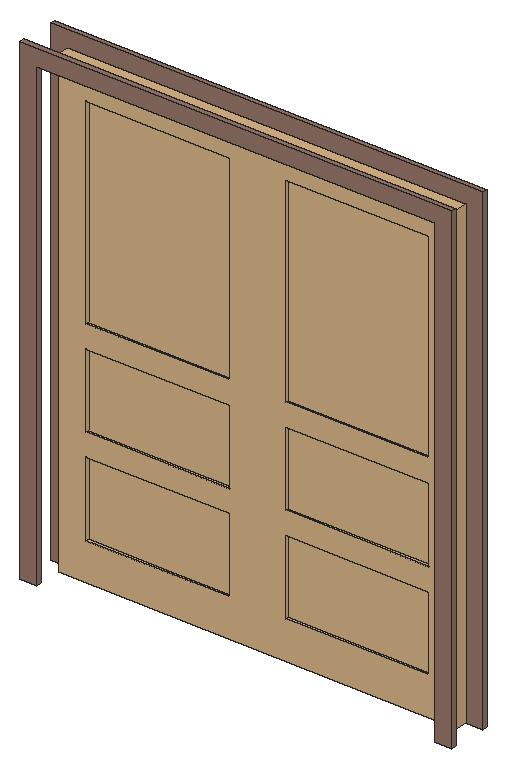
Revit family
Parameters (values of type "1830 x 2134mm")
  Thickness = 51.00 mm
  Door Material = Door - Panel
  Frame Material = Door - Frame
  Height = 2134.00 mm
  Rail Width-Center = 102.00 mm
  Top Panel = 915.00 mm
  Trim Projection Ext = 25.00 mm
  Trim Projection Int = 25.00 mm
  Trim Width = 76.00 mm
  Wall Closure = (empty or 0)
  Width = 1830.00 mm
Types (5, lengths in mm): name | Height | Width
  1830 x 1981mm | 1981.00 | 1830.00
  1830 x 2083mm | 2083.00 | 1830.00
  1730 x 2032mm | 2032.00 | 1730.00
  1830 x 2134mm | 2134.00 | 1830.00
  1730 x 2134mm | 2134.00 | 1730.00
Reference planes
  plane 1: y = 0
  plane 2: z = 0
  plane 3 "Center": x = 0
  plane 4 "Left": x = -915
  plane 5 "Right": x = 915
  plane 6 "Top": z = 2134
  plane 7: z = 1981.6
  plane 8: z = 1066.6
  plane 9: z = 964.6
  plane 10: z = 620.8
  plane 11: z = 518.8
  plane 12: z = 175
  plane 13: x = 788
  plane 14: x = 127
  plane 15: x = -127
  plane 16: x = -788
Forms (mm)
  Extrusion 1, solid, material "Door - Frame" <- "Frame Material"
    sketch origin (-2286, -76.2, 0) x (1, 0, 0) y (0, 0, 1)
      loop
        line (1371, 0) -> (1371, 2134) -> (3201, 2134) -> (3201, 0) -> (3277, 0) -> (3277, 2210) -> (1295, 2210) -> (1295, 0) -> (1371, 0)
    from 0 to 25
  Extrusion 2, solid, material "Door - Panel" <- "Door Material"
    sketch origin (-2286, 101.6, 0) x (-1, 0, 0) y (0, 0, 1)
      loop
        line (-3201, 2134) -> (-3201, 0) -> (-1371, 0) -> (-1371, 2134) -> (-3201, 2134)
      loop
        line (-3074, 1981.6) -> (-3074, 1066.6) -> (-2413, 1066.6) -> (-2413, 1981.6) -> (-3074, 1981.6)
      loop
        line (-2413, 620.8) -> (-2413, 964.6) -> (-3074, 964.6) -> (-3074, 620.8) -> (-2413, 620.8)
      loop
        line (-2413, 518.8) -> (-3074, 518.8) -> (-3074, 175) -> (-2413, 175) -> (-2413, 518.8)
      loop
        line (-1498, 1981.6) -> (-2159, 1981.6) -> (-2159, 1066.6) -> (-1498, 1066.6) -> (-1498, 1981.6)
      loop
        line (-2159, 964.6) -> (-2159, 620.8) -> (-1498, 620.8) -> (-1498, 964.6) -> (-2159, 964.6)
      loop
        line (-1498, 175) -> (-1498, 518.8) -> (-2159, 518.8) -> (-2159, 175) -> (-1498, 175)
    from -76.4 to -25.4
  Extrusion 3, solid, material "Door - Panel" <- "Door Material"
    sketch origin (-2286, 76.2, 0) x (-1, 0, 0) y (0, 0, 1)
      loop
        line (-3074, 1981.6) -> (-3074, 1066.6) -> (-2413, 1066.6) -> (-2413, 1981.6) -> (-3074, 1981.6)
      loop
        line (-2413, 620.8) -> (-2413, 964.6) -> (-3074, 964.6) -> (-3074, 620.8) -> (-2413, 620.8)
      loop
        line (-2413, 518.8) -> (-3074, 518.8) -> (-3074, 175) -> (-2413, 175) -> (-2413, 518.8)
      loop
        line (-1498, 1981.6) -> (-2159, 1981.6) -> (-2159, 1066.6) -> (-1498, 1066.6) -> (-1498, 1981.6)
      loop
        line (-2159, 964.6) -> (-2159, 620.8) -> (-1498, 620.8) -> (-1498, 964.6) -> (-2159, 964.6)
      loop
        line (-2159, 518.8) -> (-2159, 175) -> (-1498, 175) -> (-1498, 518.8) -> (-2159, 518.8)
    from -12.7 to -38.3
  Extrusion 4, solid, material "Door - Frame" <- "Frame Material"
    sketch origin (-1524, 76.2, 0) x (-1, 0, 0) y (0, 0, 1)
      loop
        line (-2515, 2210) -> (-2515, 0) -> (-2439, 0) -> (-2439, 2134) -> (-609, 2134) -> (-609, 0) -> (-533, 0) -> (-533, 2210) -> (-2515, 2210)
    from 0 to 25
Lines and regions (mm)
  Opening 1
    outline origin (-2286, -76.2, 0) x (1, 0, 0) y (0, 0, 1)
      loop
        line (1371, 0) -> (3201, 0) -> (3201, 2134) -> (1371, 2134) -> (1371, 0)
  symbolic lines, style "DoorsPanelProjection"
    curve 1: line (-915, 76.2, 0) -> (-864, 76.2, 0)
    curve 2: line (-915, 76.2, 0) -> (-915, 991.2, 0)
    curve 3: line (-915, 991.2, 0) -> (-864, 991.2, 0)
    curve 4: line (-864, 76.2, 0) -> (-864, 991.2, 0)
    curve 5: line (915, 76.2, 0) -> (864, 76.2, 0)
    curve 6: line (915, 76.2, 0) -> (915, 991.2, 0)
    curve 7: line (864, 991.2, 0) -> (915, 991.2, 0)
    curve 8: line (864, 76.2, 0) -> (864, 991.2, 0)
  symbolic lines, style "Plan Swing"
    curve 9: arc (0, 76.2, 0) -> (-267.997, 723.203, 0) -> (-915, 991.2, 0) r 915
    curve 10: arc (0, 76.2, 0) -> (267.997, 723.203, 0) -> (915, 991.2, 0) r 915
  model lines, style "DoorsPanelProjection"
    curve 11: line (0, 76.2, 2134) -> (0, 76.2, 0)
    curve 12: line (0, 25.2, 2134) -> (0, 25.2, 0)
  symbolic lines, style "Elevation Swing"
    curve 13: line (0, 0, 2134) -> (915, 0, 1067)
    curve 14: line (0, 0, 0) -> (915, 0, 1067)
    curve 15: line (0, 0, 0) -> (-915, 0, 1067)
    curve 16: line (-915, 0, 1067) -> (0, 0, 2134)
Text (mm)
  text "Exterior" at (-1490.41, 693.701, 0), in view "Floor Line"
  text "Interior" at (-1482.03, -638.649, 0), in view "Floor Line"
  text "Exterior" at (0, 1019.848, 3124.603), in view "Right"
  text "Interior" at (0, -1635.541, 3124.603), in view "Right"
  text "Interior" at (0, -787.806, 3124.376), in view "Left"
  text "Exterior" at (0, 1386.095, 3124.376), in view "Left"
Dimensions and locks
  equal spacing: plane 4 "Left", plane 3 "Center", plane 5 "Right"  (x2)
  "Height": plane 2 to plane 6 "Top"
  "Trim Width": Extrusion 1 sketch curve to plane 4 "Left"
  "Trim Width": Extrusion 1 sketch curve to plane 5 "Right"
  "Trim Width": Extrusion 1 sketch curve to plane 6 "Top"
  "Trim Projection Int": Extrusion 1 to host wall
  "Thickness": curve 4 to curve 2
  "Thickness": curve 6 to curve 8
  locked: host wall to plane 12 at 175
  equal spacing: plane 12, plane 10, plane 8
  "Top Panel": plane 8 to plane 7
  plane 7 to plane 6 "Top" = 152.40 mm
  "Rail Width-Center": plane 9 to plane 8
  "Rail Width-Center": plane 11 to plane 10
  locked: plane 13 to plane 5 "Right" at 127
  locked: plane 16 to plane 4 "Left" at 127
  locked: plane 14 to plane 15 at 254
  "Thickness": Extrusion 2 to host wall
  locked: Extrusion 2 to Extrusion 3 at 12.7
  locked: host wall to Extrusion 3 at 12.7
  "Trim Projection Ext": Extrusion 4 to host wall
  "Trim Width": Extrusion 4 sketch curve to plane 6 "Top"
  "Trim Width": plane 4 "Left" to Extrusion 4 sketch curve
  "Trim Width": Extrusion 4 sketch curve to plane 5 "Right"
  "Width": plane 4 "Left" to plane 5 "Right"
  equal spacing: level, curve 14, plane 6 "Top"
  equal spacing: level, curve 16, plane 6 "Top"
  aligned and locked: plane 4 "Left" to Opening 1 sketch curve
  aligned and locked: plane 6 "Top" to Opening 1 sketch curve  (x2)
  aligned and locked: Opening 1 sketch curve to plane 5 "Right"
  aligned and locked: Opening 1 sketch curve to level
  aligned and locked: plane 4 "Left" to Extrusion 1 sketch curve
  aligned and locked: plane 6 "Top" to Extrusion 1 sketch curve  (x2)
  aligned and locked: plane 5 "Right" to Extrusion 1 sketch curve  (x2)
  aligned and locked: level to Extrusion 1 sketch curve
  aligned and locked: Extrusion 1 sketch curve to level
  aligned and locked: plane 2 to Extrusion 1 sketch curve
  aligned and locked: Extrusion 1 to host wall
  aligned and locked: Extrusion 2 sketch curve to plane 4 "Left"
  aligned and locked: plane 13 to Extrusion 2 sketch curve  (x2)
  aligned and locked: plane 7 to Extrusion 2 sketch curve
  aligned and locked: plane 8 to Extrusion 2 sketch curve  (x2)
  aligned and locked: plane 14 to Extrusion 2 sketch curve  (x3)
  aligned and locked: Extrusion 2 sketch curve to plane 10
  aligned and locked: plane 9 to Extrusion 2 sketch curve  (x2)
  aligned and locked: Extrusion 2 sketch curve to plane 13
  aligned and locked: Extrusion 2 sketch curve to plane 11
  aligned and locked: plane 12 to Extrusion 2 sketch curve
  aligned and locked: plane 16 to Extrusion 2 sketch curve  (x3)
  aligned and locked: Extrusion 2 sketch curve to plane 7
  aligned and locked: plane 15 to Extrusion 2 sketch curve  (x2)
  aligned and locked: plane 10 to Extrusion 2 sketch curve
  aligned and locked: Extrusion 2 sketch curve to plane 12
  aligned and locked: plane 11 to Extrusion 2 sketch curve
  aligned and locked: Extrusion 2 sketch curve to plane 15
  aligned and locked: plane 13 to Extrusion 3 sketch curve  (x2)
  aligned and locked: plane 7 to Extrusion 3 sketch curve
  aligned and locked: plane 8 to Extrusion 3 sketch curve  (x2)
  aligned and locked: plane 14 to Extrusion 3 sketch curve  (x3)
  aligned and locked: Extrusion 3 sketch curve to plane 10
  aligned and locked: Extrusion 3 sketch curve to Extrusion 2  (x2)
  aligned and locked: Extrusion 3 sketch curve to plane 11
  aligned and locked: plane 12 to Extrusion 3 sketch curve  (x2)
  aligned and locked: plane 16 to Extrusion 3 sketch curve  (x3)
  aligned and locked: Extrusion 3 sketch curve to plane 7
  aligned and locked: plane 15 to Extrusion 3 sketch curve  (x3)
  aligned and locked: plane 9 to Extrusion 3 sketch curve
  aligned and locked: plane 10 to Extrusion 3 sketch curve
  aligned and locked: plane 11 to Extrusion 3 sketch curve
  aligned and locked: curve 11 to curve 12
  aligned and locked: host wall to Extrusion 2
Automatic sketch dimensions
  Extrusion 2 sketch curve to plane 6 "Top" = 0.00 mm
  curve 3 to plane 4 "Left" = 0.00 mm
  curve 9 to plane 3 "Center" = 0.00 mm
  curve 10 to plane 3 "Center" = 0.00 mm
  curve 5 to plane 5 "Right" = 0.00 mm
  curve 1 to curve 9 = 0.00 mm
  curve 6 to curve 10 = 0.00 mm
  Extrusion 2 sketch curve to level = 0.00 mm
  Extrusion 2 sketch curve to plane 5 "Right" = 0.00 mm
  Extrusion 4 sketch curve to level = 0.00 mm  (x2)
  Extrusion 4 sketch curve to plane 6 "Top" = 0.00 mm
  Extrusion 4 sketch curve to plane 5 "Right" = 0.00 mm
  Extrusion 4 sketch curve to plane 4 "Left" = 0.00 mm
  curve 1 to host wall = 0.00 mm
  curve 11 to plane 3 "Center" = 0.00 mm
  curve 11 to plane 6 "Top" = 0.00 mm
  curve 16 to plane 3 "Center" = 0.00 mm
  curve 16 to plane 6 "Top" = 0.00 mm
  curve 12 to plane 6 "Top" = 0.00 mm
  curve 15 to plane 4 "Left" = 0.00 mm
  curve 14 to plane 5 "Right" = 0.00 mm
  curve 15 to level = 0.00 mm
  curve 11 to level = 0.00 mm
  curve 12 to level = 0.00 mm
  curve 14 to plane 3 "Center" = 0.00 mm
